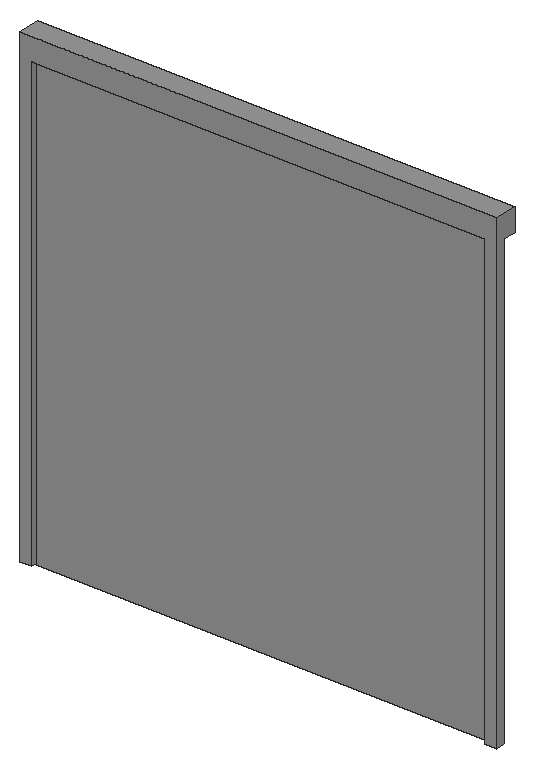
Revit family "protivipozarnae_stora_firetechnics_ei60_120_c_oracheniem_vodoi", category Двери, Revit 2016
Family settings
  Основа = Стена
  Номер OmniClass = 23.30.10.00
  Заголовок OmniClass = Doors
  Всегда вертикально = Да
  При загрузке вырезать с полостями = Нет
  Общий = Нет
  Точка расчета площади = Нет
Parameters (values of type "EI180 (с орошением водой)")
  ширина полотна = Width + 20 mm  # 3020 mm
  ширина верхней балки = 150 mm
  Материал_Лаза = Материал двери-лазейки
  высота направляющей = 60 mm
  Ширина, макс. = "5м"  # constant formula
  Ширина направляющей = 80 mm
  Функция = Внутренние слои
  Скорость опускания шторы = "0,15м/c"  # constant formula
  Разработано = "support@bimlib.ru"  # constant formula
  Полотно_Размещение = высота направляющей / 2  # 30 mm
  Полотно открыто [instance] = yes
  Полотно = 1 mm
  Огнестойкость = "EI180"
  Материал_Полотно = Firetex™ 1100
  Материал_Направляющие = Сталь_оцинкованная_листовая Firetechnics
  Материал_Короб = Сталь_оцинкованная_листовая_2мм_Firetechnics
  Лазейка [instance] = no
  Комментарии к типоразмеру = "Без орошения водой"
  Изготовитель = "Firetechnics"  # constant formula
  Высота, макс. = "6.5м"  # constant formula
  Высота лазейки [instance] = if(Полотно открыто, Height + Высота короба - 32 mm, 1 mm)  # 3118 mm
  Высота короба = 150 mm
  Height = ADSK_Размер_Высота  # 3000 mm
  Замыкание стены = По основе
  Width = ADSK_Размер_Ширина  # 3000 mm
  Видимость [instance] = and(Полотно открыто)  # yes
  Аналитическая конструкция = "<Нет>"
  URL = "https://www.fire-tec.ru"
  ADSK_Размер_Ширина = 3000 mm
  ADSK_Размер_Высота = 3000 mm
  ADSK_Примечание [instance] = ""
  ADSK_Предел огнестойкости = "EI180"
  ADSK_Позиция [instance] = ""
  ADSK_Обозначение = ""
  ADSK_Наименование = "Противопожарная штора FireTechnics EI180 (с орошением водой)"
  ADSK_Масса_Текст = ""
  ADSK_Завод-изготовитель = Изготовитель  # "Firetechnics"
  ADSK_Единица измерения = ""
  ADSK_URL страницы изделия = "https://www.fire-tec.ru/catalog/protivopozharnye-shtory/protivopozharnye-shtory-ei-60-ei-90-ei-120-bez-orosheniya/"
  ADSK_URL документации изделия = ""
Types (3, lengths in mm): name | Материал_Лаза | Полотно открыто | Огнестойкость | Высота лазейки | Видимость | ADSK_Предел огнестойкости | ADSK_Наименование
  EI60 (с орошением водой) | Материал двери-лазейки | no | "EI60" | 1 | no | "EI60" | "Противопожарная штора FireTechnics EI60 (с орошением водой)"
  EI120 (с орошением водой) | none | no | "EI120" | 1 | no | "EI120" | "Противопожарная штора FireTechnics EI120 (с орошением водой)"
  EI180 (с орошением водой) | Материал двери-лазейки | yes | "EI180" | 3118 | yes | "EI180" | "Противопожарная штора FireTechnics EI180 (с орошением водой)"
Reference planes
  plane 1: y = 0
  plane 2 "По центру (Влево/Вправо)": x = 0
  plane 3 "Слева": x = -1500
  plane 4 "Справа": x = 1500
  plane 5: z = 3000
  plane 6 "Наружный": y = 75
  plane 7 "Внутренние": y = -75
  plane 8: x = -1580
  plane 9: x = 1580
  plane 10: y = 135
  plane 11: y = 225
  plane 12: y = 106
  plane 13: y = 105
  plane 14: x = 1510
  plane 15: x = -1510
  plane 16: z = 3150
  plane 17: x = 10
  plane 18: x = -10
  plane 19: z = 0.483
  plane 20: z = 3118.483
Forms (mm)
  Extrusion 1, solid, material "Сталь_оцинкованная_листовая Firetechnics" <- "Материал_Направляющие"
    sketch origin (0, 0, 0) x (1, 0, 0) y (0, 1, 0)
      loop
        line (-1500, 106) -> (-1500, 135) -> (-1580, 135) -> (-1580, 75) -> (-1500, 75) -> (-1500, 105) -> (-1510, 105) -> (-1510, 106) -> (-1500, 106)
    from 0 to 3000
  Extrusion 2, solid, material "Сталь_оцинкованная_листовая Firetechnics" <- "Материал_Направляющие"
    sketch origin (0, 0, 0) x (-1, 0, 0) y (0, -1, 0)
      loop
        line (-1500, -106) -> (-1510, -106) -> (-1510, -105) -> (-1500, -105) -> (-1500, -75) -> (-1580, -75) -> (-1580, -135) -> (-1500, -135) -> (-1500, -106)
    from 0 to 3000
  Extrusion 3, void
    sketch origin (0, 0, 0) x (1, 0, 0) y (0, 1, 0)
      loop
        line (-1500, -75) -> (1500, -75) -> (1500, 75) -> (1735, 75) -> (1735, 225) -> (-1685, 225) -> (-1685, 75) -> (-1500, 75) -> (-1500, -75)
    from 0 to 3000
  Extrusion 4, solid, material "Firetex™ 1100" <- "Материал_Полотно", visible <- "Полотно открыто"
    sketch origin (0, 0, 0) x (1, 0, 0) y (0, 1, 0)
      loop
        line (-1510, 106) -> (-1510, 105) -> (1510, 105) -> (1510, 106) -> (-1510, 106)
    from 0 to 3000
  Extrusion 5, solid, material "Сталь_оцинкованная_листовая Firetechnics" <- "Материал_Направляющие"
    sketch origin (0, 0, 0) x (1, 0, 0) y (0, 1, 0)
      loop
        line (-1580, 225) -> (-1580, 75) -> (1580, 75) -> (1580, 225) -> (-1580, 225)
    from 3000 to 3150
  Extrusion 6, solid, material "Материал двери-лазейки" <- "Материал_Лаза", visible <- "Лазейка"
    sketch origin (0, 75, 0) x (1, 0, 0) y (0, 0, 1)
      loop
        line (10, 3118.483) -> (-10, 3118.483) -> (-10, 0.483) -> (10, 0.483) -> (10, 3118.483)
    from -31.667 to -29.238
Cuts and joins
  joined: Extrusion 1, Extrusion 2, Extrusion 5
Lines and regions (mm)
  symbolic lines, style "Doors"
    curve 1: line (-1510, 135, 0) -> (-1510, 75, 0)
    curve 2: line (1510, 135, 0) -> (1510, 75, 0)
    curve 3: line (-1510, 106, 0) -> (1510, 106, 0)
Text (mm)
  text "Наружный" at (-2295.016, 1099.543, 0), in view "Опорный уровень"
  text "Наружный" at (0, 1615.38, 3698.081), in view "Слева"
  text "Наружный" at (0, 1036.032, 3874.932), in view "Справа"
Dimensions and locks
  equal spacing: plane 3 "Слева", plane 2 "По центру (Влево/Вправо)", plane 4 "Справа"
  "Width": plane 3 "Слева" to plane 4 "Справа"
  "Height": plane 5 to host wall
  host wall to plane 5 = 3000 mm  (x2)
  locked: plane 6 "Наружный" to host wall at 0
  locked: plane 7 "Внутренние" to host wall
  "Высота короба": plane 5 to plane 16
  "Ширина направляющей": plane 8 to plane 3 "Слева"
  "Ширина направляющей": plane 4 "Справа" to plane 9
  "Полотно_Размещение": plane 6 "Наружный" to plane 13
  "Полотно": plane 12 to plane 13
  "высота направляющей": plane 6 "Наружный" to plane 10
  "ширина верхней балки": plane 6 "Наружный" to plane 11
  equal spacing: plane 15, plane 2 "По центру (Влево/Вправо)", plane 14
  "ширина полотна": plane 15 to plane 14
  equal spacing: plane 17, plane 2 "По центру (Влево/Вправо)", plane 18
  locked: plane 18 to plane 17 at 20
  locked: Extrusion 6 to plane 12 at 0.667
  locked: Extrusion 6 to plane 13 at 0.762
  locked: plane 20 to plane 16 at 31.517
  "Высота лазейки": plane 19 to plane 20
  aligned and locked: host wall to plane 1
  aligned and locked: Extrusion 1 sketch curve to plane 12
  aligned and locked: plane 13 to Extrusion 1 sketch curve
  aligned and locked: plane 10 to Extrusion 1 sketch curve
  aligned and locked: Extrusion 1 sketch curve to plane 3 "Слева"  (x2)
  aligned and locked: Extrusion 1 sketch curve to plane 8
  aligned and locked: plane 6 "Наружный" to Extrusion 1 sketch curve
  aligned and locked: plane 10 to Extrusion 2 sketch curve
  aligned and locked: Extrusion 2 sketch curve to plane 4 "Справа"  (x2)
  aligned and locked: Extrusion 2 sketch curve to plane 12
  aligned and locked: plane 13 to Extrusion 2 sketch curve
  aligned and locked: Extrusion 2 sketch curve to plane 9
  aligned and locked: Extrusion 2 sketch curve to plane 6 "Наружный"
  aligned and locked: plane 15 to Extrusion 1 sketch curve
  aligned and locked: Extrusion 2 to plane 14
  aligned and locked: Extrusion 3 sketch curve to Extrusion 1
  aligned and locked: Extrusion 3 sketch curve to host wall
  aligned and locked: plane 4 "Справа" to Extrusion 3 sketch curve
  aligned and locked: Extrusion 3 to plane 5
  aligned and locked: Extrusion 4 sketch curve to Extrusion 1
  aligned and locked: plane 15 to Extrusion 4 sketch curve
  aligned and locked: Extrusion 4 sketch curve to Extrusion 2  (x2)
  aligned and locked: Extrusion 2 to plane 5
  aligned and locked: Extrusion 1 to plane 5
  aligned and locked: Extrusion 5 to plane 16
  aligned and locked: Extrusion 4 to plane 5
  aligned and locked: plane 5 to Extrusion 5
  aligned and locked: plane 9 to Extrusion 5
  aligned and locked: Extrusion 5 to plane 8
  aligned and locked: curve 3 to plane 12
  aligned and locked: curve 2 to plane 14
  aligned and locked: plane 17 to Extrusion 6 sketch curve
  aligned and locked: Extrusion 6 sketch curve to plane 18
  aligned and locked: plane 20 to Extrusion 6
  aligned and locked: Extrusion 6 to plane 19
Automatic sketch dimensions
  Extrusion 2 sketch curve to Extrusion 2 sketch curve = 10 mm
  Extrusion 3 sketch curve to plane 11 = 0 mm
  Extrusion 3 sketch curve to plane 8 = 105 mm
  plane 9 to Extrusion 3 sketch curve = 155 mm
  Extrusion 3 sketch curve to host wall = 0 mm  (x2)
  Extrusion 5 sketch curve to host wall = 0 mm
  Extrusion 5 sketch curve to plane 8 = 0 mm
  plane 9 to Extrusion 5 sketch curve = 0 mm
  Extrusion 5 sketch curve to plane 11 = 0 mm
  Extrusion 6 sketch curve to Extrusion 6 sketch curve = 3118 mm
  curve 1 to host wall = 0 mm
  curve 1 to plane 15 = 0 mm
  curve 2 to host wall = 0 mm
  plane 10 to curve 2 = 0 mm
  curve 1 to plane 10 = 0 mm
  level to Extrusion 6 sketch curve = 0.483 mm
